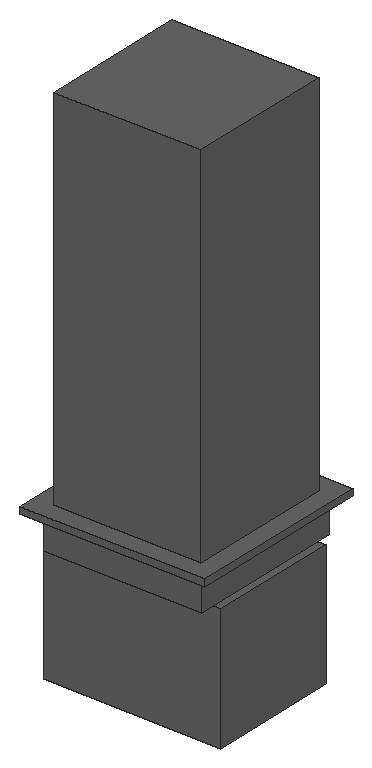
Revit family "LTC-4SQD-S", category Lighting Fixtures, host Face, Revit 2021
Family settings
  Host = Face
  Round Connector Dimension = Use Diameter
  Part Type = Normal
  OmniClass Number = 23.80.70.11.14.11
  OmniClass Title = Downlights
  Cut with Voids When Loaded = No
  Light Source = Yes
  Shared = Yes
  Room Calculation Point = No
Parameters (values of type "LTC-4SQD-SRMD")
  Width = 5.57813"
  Wattage Comments = "8-25"  # constant formula
  Wattage = 25 W
  built-in parameter 1150110 = 1 (stored number, unit not read)
  Voltage = if(Is 120V, 120 V, 277 V)  # 120 V
  URL = "https://www.currentlighting.com/prescolite"
  built-in parameter 1114217 = 1 (stored number, unit not read)
  Tilt Angle = -90.00°
  built-in parameter 1150109 = 1 (stored number, unit not read)
  built-in parameter 1150134 = (empty or 0)
  built-in parameter 1150113 = 1 (stored number, unit not read)
  SRMD = yes
  Reflector Finish = Paint - Carbon Black
  Recessed Canopy = no
  Product Page URL = ""
  Product Material = Paint - Carbon Black
  Product Documentation Link = ""
  Photometric Web File = "LTC-4SQDPH-P-20L35K8MD-PM-S-BL.ies"
  Photometric Notes = "More IES files download on Photometric Web Link"  # constant formula
  Model = "LTC-4SQD"  # constant formula
  Manufacturer = "Prescolite"  # constant formula
  built-in parameter 1150105 = -6252400 (stored number, unit not read)
  Lumens = 2200 lm
  built-in parameter 1150115 = 1 (stored number, unit not read)
  Load Classification = Lighting
  built-in parameter 1150137 = (empty or 0)
  built-in parameter 1150139 = (empty or 0)
  built-in parameter 1150112 = 1 (stored number, unit not read)
  built-in parameter 1150114 = 1 (stored number, unit not read)
  Lamp = " LED's"  # constant formula
  Is 277V = not(Is 120V)  # no
  Is 120V = yes
  built-in parameter 1150132 = (empty or 0)
  built-in parameter 1150102 = (empty or 0)
  built-in parameter 1150107 = 3000 (stored number, unit not read)
  built-in parameter 1150138 = (empty or 0)
  built-in parameter 1150106 = -62524 (stored number, unit not read)
  Height = 14.00"
  Glass = White Glass
  Frequency = 60 Hz  # constant formula
  Emit from Rectangle Width = Width  # 5.57813"
  Emit from Rectangle Length = Width  # 5.57813"
  Emit Shape Visible in Rendering = yes
  built-in parameter 1150104 = 8.1755 (stored number, unit not read)
  Dimming Lamp Color Temperature Shift = <None>
  Description = "LITEISTRY™ 4inch Square Cylinder Downlight"  # constant formula
  Default Elevation = 48.00"
  Contact Us = ""
  Connector Description = "Lighting Connector"  # constant formula
  Color Filter = 16777215
  Ceiling Thickness [instance] = 1.25"
  Cutout Radius = 3.125"
  Ceiling Cutout = Cutout Radius * 2  # 6.25"
  Canopy height = 0.26"
  Canopy Width = 7.00"
  built-in parameter 1114218 = 1 (stored number, unit not read)
  built-in parameter 1150133 = 10 (stored number, unit not read)
  Apparent Load = 52 VA
Types (6): name | SRMD | Recessed Canopy | Canopy height | Canopy Width
  (no name) | yes | no | 0.26" | 7.00"
  LTC-4SQD-SRMD | yes | no | 0.26" | 7.00"
  LTC-4SQD-S | no | yes | 0.25" | 5.60"
  LTC-4SQD-SCC | no | no | 3.00" | 5.74"
  LTC-4SQD-SPC | no | yes | 3.00" | 7.75"
  LTC-4SQD-SPCC | no | no | 4.50" | 7.83"
Reference planes (in)
  plane 1 "Center (Front/Back)": y = 0
  plane 2: z = 0
  plane 3 "Center (Left/Right)": x = 0
  plane 4: z = -6
  plane 5: x = 3.5
  plane 6: x = -3.5
  plane 7: z = 0.26
  plane 8: y = -3.5
  plane 9: y = 3.5
  plane 10: z = 14.26
Forms (in)
  Extrusion 1, void
    sketch origin (0, 0, 0) x (1, 0, 0) y (0, 1, 0)
      loop
        circle (0, 0) r 3.125
    from -1.25 to 0
  Extrusion 2, solid, material "Paint - Carbon Black" <- "Product Material", visible <- "SRMD"
    sketch origin (0, 0, 0) x (1, 0, 0) y (0, 1, 0)
      loop
        line (-3.41406, 2.5) -> (-3.41406, -2.5) -> (3.28906, -2.5) -> (3.28906, 2.5) -> (-3.41406, 2.5)
    from -6 to -1.27765
  Extrusion 3, solid, material "Paint - Carbon Black" <- "Product Material"
    sketch origin (0, 0, 0) x (1, 0, 0) y (0, 1, 0)
      loop
        line (-2.78906, 2.78906) -> (-2.78906, -2.78906) -> (2.78906, -2.78906) -> (2.78906, 2.78906) -> (-2.78906, 2.78906)
    from 0.26 to 14.26
  Extrusion 4, solid, material "Paint - Carbon Black" <- "Product Material", visible <- "SRMD"
    sketch origin (0, 0, 0) x (1, 0, 0) y (0, 1, 0)
      loop
        line (-3, 3) -> (-3, -3) -> (3, -3) -> (3, 3) -> (-3, 3)
    from -1.27765 to 0
  Extrusion 5, solid, material "Paint - Carbon Black" <- "Product Material"
    sketch origin (0, 0, 0) x (1, 0, 0) y (0, 0, 1)
      loop
        line (-3.5, 0) -> (3.5, 0) -> (3.5, 0.26) -> (-3.5, 0.26) -> (-3.5, 0)
    from -3.5 to 3.5
  Extrusion 6, solid, material "Paint - Carbon Black" <- "Product Material", visible <- "Recessed Canopy"
    sketch origin (0, 0, 0) x (1, 0, 0) y (0, 1, 0)
      loop
        line (0, 1.28906) -> (-2.4154, 1.39453) -> (-2.4154, -1.39453) -> (0, -1.28906) -> (2.4154, -1.39453) -> (2.4154, 1.39453) -> (0, 1.28906)
    from 0 to -1.27765
Dimensions and locks (in)
  "Canopy Width": plane 5 to plane 6
  equal spacing: plane 5, imposter light, plane 6
  "Canopy height": plane 7 to plane 2
  equal spacing: plane 5, plane 3 "Center (Left/Right)", plane 6
  "Canopy Width": plane 9 to plane 8
  equal spacing: plane 9, plane 1 "Center (Front/Back)", plane 8
  locked: plane 10 to plane 7 at 14
  "Cutout Radius": radius of Extrusion 1 sketch curve
  aligned and locked: plane 2 to host face
  aligned and locked: level to host face
  aligned and locked: level to Extrusion 1
  aligned and locked: plane 1 "Center (Front/Back)" to Extrusion 1 sketch curve
  aligned and locked: plane 3 "Center (Left/Right)" to Extrusion 1 sketch curve
  aligned and locked: Extrusion 5 sketch curve to host face
  aligned and locked: Extrusion 5 sketch curve to plane 6
  aligned and locked: Extrusion 5 sketch curve to plane 7
  aligned and locked: plane 5 to Extrusion 5 sketch curve
  aligned and locked: Extrusion 5 to plane 9
  aligned and locked: plane 8 to Extrusion 5
  aligned and locked: plane 7 to Extrusion 3
  aligned and locked: Extrusion 3 to plane 10
  aligned and locked: imposter light to plane 10
Automatic sketch dimensions
  host sketch curve to host sketch curve = 96.00"  (x2)
  plane 3 "Center (Left/Right)" to Extrusion 2 sketch curve = 3.28906"
  plane 3 "Center (Left/Right)" to Extrusion 3 sketch curve = 2.78906"
  plane 3 "Center (Left/Right)" to Extrusion 4 sketch curve = 3.00"
  Extrusion 2 sketch curve to plane 3 "Center (Left/Right)" = 3.41406"
  Extrusion 3 sketch curve to plane 3 "Center (Left/Right)" = 2.78906"
  Extrusion 4 sketch curve to plane 3 "Center (Left/Right)" = 3.00"
  plane 1 "Center (Front/Back)" to Extrusion 2 sketch curve = 2.50"
  Extrusion 2 sketch curve to plane 1 "Center (Front/Back)" = 2.50"
  plane 1 "Center (Front/Back)" to Extrusion 3 sketch curve = 2.78906"
  Extrusion 3 sketch curve to plane 1 "Center (Front/Back)" = 2.78906"
  plane 1 "Center (Front/Back)" to Extrusion 4 sketch curve = 3.00"
  Extrusion 4 sketch curve to plane 1 "Center (Front/Back)" = 3.00"
  Extrusion 6 sketch curve to plane 3 "Center (Left/Right)" = 0.00"  (x2)
  Extrusion 6 sketch curve to plane 3 "Center (Left/Right)" = 2.4154"
  plane 3 "Center (Left/Right)" to Extrusion 6 sketch curve = 2.4154"
  Extrusion 6 sketch curve to plane 8 = 2.21094"
  plane 1 "Center (Front/Back)" to Extrusion 6 sketch curve = 1.39453"  (x2)
  Extrusion 6 sketch curve to plane 1 "Center (Front/Back)" = 1.39453"  (x2)
  plane 9 to Extrusion 6 sketch curve = 2.21094"
Connectors (in)
  electrical at (0, 0, 0), driven by "Connector Description", driven by "Voltage", driven by "Apparent Load", driven by "Load Classification"
    settings: on host face, index 1, voltage 120 V, apparent load 52 VA, apparent load phase1 0 VA, apparent load phase2 0 VA, apparent load phase3 0 VA, power factor 0.9, load classification "Lighting", number of poles 1, system type 30, power factor state 1, is connector primary yes, connector utility no, sub classification motor no, connector description "Lighting Connector"
